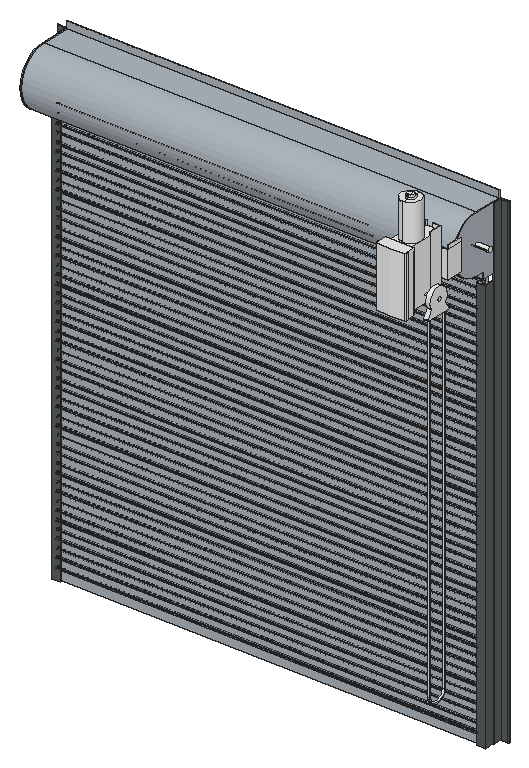
Revit family "Doors_Fire-Doors-Shutters_Wayne-Dalton_Insulated-Fire-Rated-Doors-FireStar-Model-700C", category Specialty Equipment, host Wall, Revit 2026 (continued)
Definition of nested family "700C"
  Automatic sketch dimensions
    curve 1 to curve 2 = 2.11523"
    curve 5 to curve 7 = 0"
    curve 3 to curve 2 = 0"  (x2)
    curve 6 to curve 7 = 0"
    curve 4 to curve 3 = 0"
    curve 2 to plane 6 = 7.10337"
    curve 5 to plane 6 = 7.10337"
    curve 4 to curve 5 = 0"
    curve 6 to curve 5 = 0"
    curve 7 to curve 5 = 0"
    curve 2 to curve 1 = 2.35433"
    Extrusion 1 sketch curve to Extrusion 1 sketch curve = 0"  (x26)
    curve 1 to Extrusion 1 sketch curve = 4.98194"
    curve 1 to Extrusion 1 sketch curve = 0.53603"
    Extrusion 1 sketch curve to Extrusion 1 sketch curve = 0.06"  (x9)
    curve 1 to Extrusion 1 sketch curve = 0.81676"
    Extrusion 1 sketch curve to Extrusion 1 sketch curve = 0.02201"
    Extrusion 1 sketch curve to Extrusion 1 sketch curve = 0.00299"
    Extrusion 1 sketch curve to Extrusion 1 sketch curve = 0.025"  (x6)
    Extrusion 1 sketch curve to Extrusion 1 sketch curve = 0.1383"  (x4)
    Extrusion 1 sketch curve to Extrusion 1 sketch curve = 0.00862"  (x4)
    Extrusion 1 sketch curve to Extrusion 1 sketch curve = 0.12192"
    Extrusion 1 sketch curve to Extrusion 1 sketch curve = 0.21392"  (x5)
    Extrusion 1 sketch curve to Extrusion 1 sketch curve = 0.15392"
    Extrusion 1 sketch curve to Extrusion 1 sketch curve = 0.45808"  (x5)
    Extrusion 1 sketch curve to Extrusion 1 sketch curve = 0.58299"
    Extrusion 1 sketch curve to Extrusion 1 sketch curve = 0.01017"  (x5)
    curve 1 to Extrusion 1 sketch curve = 3.33821"
    curve 1 to Extrusion 1 sketch curve = 0.88821"
    Extrusion 1 sketch curve to Extrusion 1 sketch curve = 0.085"
    Extrusion 1 sketch curve to Extrusion 1 sketch curve = 1.75626"  (x4)
    Extrusion 1 sketch curve to Extrusion 1 sketch curve = 0.25114"  (x4)
    Extrusion 1 sketch curve to Extrusion 1 sketch curve = 0.00603"  (x3)
    Extrusion 1 sketch curve to Extrusion 1 sketch curve = 0.21577"  (x4)
    Extrusion 1 sketch curve to Extrusion 1 sketch curve = 0.2538"
    Extrusion 1 sketch curve to Extrusion 1 sketch curve = 0.06721"
    Extrusion 1 sketch curve to Extrusion 1 sketch curve = 0.04697"
    Extrusion 1 sketch curve to Extrusion 1 sketch curve = 0.09209"
    Extrusion 1 sketch curve to Extrusion 1 sketch curve = 0.14265"
    Extrusion 1 sketch curve to Extrusion 1 sketch curve = 0.11326"
  Nested families (in)
    nested 1: "Perforation" at (0, 0.375, 0.896), visible <- "Fenestration", Perforation <- "Cutout Material", type "Perforation"
      with Perforation none, Thickness 3/4"
    nested 2: "Perforation" at (0, 0.375, 3.346), visible <- "Fenestration", Perforation <- "Cutout Material", type "Perforation"
      with Perforation none, Thickness 3/4"
    nested 3: "Perforation" at (0, 0.375, 5.796), visible <- "Fenestration", Perforation <- "Cutout Material", type "Perforation"
      with Perforation none, Thickness 3/4"
    nested 4: "Perforation" at (0, 0.375, 8.246), visible <- "Fenestration", Perforation <- "Cutout Material", type "Perforation"
      with Perforation none, Thickness 3/4"
    nested 5: "Perforation" at (0, 0.375, 10.696), visible <- "Fenestration", Perforation <- "Cutout Material", type "Perforation"
      with Perforation none, Thickness 3/4"
    nested 6: "Perforation" at (0, 0.375, 10.696), visible <- "Perforation", Perforation <- "Cutout Material Perforation", type "Perforation"
      with Perforation none, Thickness 3/4"
    nested 7: "Perforation" at (0, 0.375, 8.246), visible <- "Perforation", Perforation <- "Cutout Material Perforation", type "Perforation"
      with Perforation none, Thickness 3/4"
    nested 8: "Perforation" at (0, 0.375, 5.796), visible <- "Perforation", Perforation <- "Cutout Material Perforation", type "Perforation"
      with Perforation none, Thickness 3/4"
    nested 9: "Perforation" at (0, 0.375, 3.346), visible <- "Perforation", Perforation <- "Cutout Material Perforation", type "Perforation"
      with Perforation none, Thickness 3/4"
    nested 10: "Perforation" at (0, 0.375, 0.896), visible <- "Perforation", Perforation <- "Cutout Material Perforation", type "Perforation"
      with Perforation none, Thickness 3/4"
  Definition of nested family "Perforation"
    Parameters (values of type "Perforation")
      Thickness = 0.06"
      Perforation [instance] = none
      Opening Width = 123 5/8"
      Offset = 1"
      Height = 3/4"
      Default Elevation = 48"
    Reference planes (in)
      plane 1 "Center (Front/Back)": y = 0
      plane 2: z = 0
      plane 3 "Center (Left/Right)": x = 0
      plane 4: z = 0.375
      plane 5: z = -0.375
      plane 6: y = -0.03
      plane 7: y = 0.03
      plane 8: x = -61.8125
      plane 9: x = 61.8125
      plane 10: x = -60.8125
      plane 11: x = 60.8125
    Forms (in)
      Extrusion 1, solid, material <- "Perforation"
        sketch origin (0, -0.19, 0) x (0, 1, 0) y (0, 0, 1)
          loop
            line (0.16, 0.375) -> (0.16, -0.375) -> (0.22, -0.375) -> (0.22, 0.375) -> (0.16, 0.375)
        from -60.8125 to 60.8125
    Dimensions and locks (in)
      equal spacing: plane 4, level, plane 5
      "Height": plane 4 to plane 5
      equal spacing: plane 6, plane 1 "Center (Front/Back)", plane 7
      "Thickness": plane 6 to plane 7
      "Opening Width": plane 8 to plane 9
      "Offset": plane 8 to plane 10
      "Offset": plane 9 to plane 11
      equal spacing: plane 8, plane 3 "Center (Left/Right)", plane 9
      aligned and locked: plane 2 to level
      aligned and locked: plane 4 to Extrusion 1
      aligned and locked: Extrusion 1 to plane 5
      aligned and locked: plane 6 to Extrusion 1
      aligned and locked: plane 7 to Extrusion 1
      aligned and locked: Extrusion 1 to plane 10
      aligned and locked: plane 11 to Extrusion 1
    Automatic sketch dimensions
      Extrusion 1 sketch curve to level = 3/8"
      plane 1 "Center (Front/Back)" to Extrusion 1 sketch curve = 0.03"
      Extrusion 1 sketch curve to plane 1 "Center (Front/Back)" = 0.03"
      plane 4 to Extrusion 1 sketch curve = 0"
Definition of nested family "Lifts"
  Parameters (values of type "Frame Unit")
    Void Offset = if(Manual, Header Width, 2")  # 16"
    True Width = if(Between Jambs, Opening Width, Opening Width + 1/2")  # 120 1/2"
    Slat Option = 1
    Side Clearance R = 9 1/16"
    Side Clearance L = 7 1/16"
    Round Hood [instance] = 1 = 1  # yes
    Rough Width = 0"
    Rough Height = 0"
    No Hood [instance] = no
    Manual = yes
    M Value = 3 5/16"
    Hood Offset = 2"
    Hood Height = Headroom Height Real - Hood Offset  # 16"
    Headroom Height Real = Headroom Height  # 18"
    Half Hood Height = Headroom Height - Hood Offset  # 16"
    Guide Z Wide R = if(Between Jambs, (Guide Offset R - G Value) / 3 * 2, G Value - 1/4")  # 2 9/16"
    Guide Z Wide L = if(Between Jambs, (Guide Offset L - G Value) / 3 * 2, G Value - 1/4")  # 2 9/16"
    Guide Offset R = BJ Displacement R + G Value  # 2 13/16"
    Guide Offset L = BJ Displacement L + G Value  # 2 13/16"
    G Value = 2 13/16"
    E Guide Width R = if(Between Jambs, (Guide Offset R - G Value) / 3 * 2, 3")  # 3"
    E Guide Width L = if(Between Jambs, (Guide Offset L - G Value) / 3 * 2, 3")  # 3"
    E Guide Height = 3"  # constant formula
    Z Guide = 1 = 1  # yes
    Slat Material = none
    Shaft Offset = (Hood Height - 2") / 2  # 7"
    Shaft Material = none
    Shaft Length 2 = G Value + 4"  # 6 13/16"
    Shaft Length 1 = G Value + 4"  # 6 13/16"
    Setback = if(Between Jambs, 0", 1/4")  # 1/4"
    Radius Hood = Shaft Offset  # 7"
    Opening Width = 120"
    Hood Material = none
    Headroom Height = 18"
    Header Width = 16"
    Opening Height = 120"
    Guide Type = if(Between Jambs, "Angled Between Jambs Z Guide", if(Guide Option > 1, "Angled Z Guide", "Angled E Guide"))  # "Angled Z Guide"
    Guide Option = if(Between Jambs, 1, 2)  # 2
    Guide Z Height = 2 3/4"  # constant formula
    Floor To (CL) of Shaft = 131"
    Finish Material = none
    Face to Wall Mount = not(Between Jambs)  # yes
    E Guide = if(Between Jambs, 1 = 1, 1 = 2)  # no
    Default Elevation = 0"
    D Value = 5 1/2"
    Between Jambs = no
    BJ Position = if(Between Jambs, 1/4", 0")  # 0"
    BJ Displacement R = if(Face to Wall Mount, 0", Side Clearance R - G Value)  # 0"
    BJ Displacement L = if(Face to Wall Mount, 0", Side Clearance L - G Value)  # 0"
    Angled Guide = 1 = 1  # yes
  Reference planes (in)
    plane 1 "Center (Front/Back)": y = 0
    plane 2: z = 0
    plane 3 "Center (Left/Right)": x = 0
    plane 4 "Opening Height": z = 120
    plane 5: x = -66.8125
    plane 6: x = 66.8125
    plane 7: z = 138
    plane 8: y = 16
    plane 9 "Real Opening 2": x = -60
    plane 10 "Real Opening 1": x = 60
    plane 11: z = 122
    plane 12 "Main": y = 0
    plane 13: z = 131
    plane 14: y = 9
    plane 15: x = 62.8125
    plane 16: x = -62.8125
    plane 17: x = -62.8125
    plane 18: x = 62.8125
    plane 19: y = 5.5
    plane 20: x = -62.5625
    plane 21: x = 62.5625
    plane 22: z = 140
    plane 23: y = 5.5
    plane 24: y = 4.375
    plane 25: y = 5.5
    plane 26: y = 4.375
  Forms (in)
    Extrusion 1, solid, material <- "Slat Material"
      sketch origin (0, 0, 0) x (0, 1, 0) y (0, 0, 1)
        loop
          line (4.75, 2.375) -> (4.75, 2.75) -> (4, 2.75) -> (4, 2.375) -> (4.75, 2.375)
      from -62.5625 to 62.5625
    Extrusion 2, solid, material <- "Slat Material"
      sketch origin (0, 0, 0) x (0, 1, 0) y (0, 0, 1)
        loop
          line (4.75, 2.375) -> (4, 2.375) -> (4, 0) -> (4.75, 0) -> (4.75, 2.375)
      from -62.5625 to 62.5625
    Extrusion 3, solid, material <- "Shaft Material"
      sketch origin (0, -5.35201, 0) x (0, 1, 0) y (0, 0, 1)
        loop
          circle (14.35201, 131) r 0.6
      from -66.8125 to 66.8125
    Extrusion 4, solid, material <- "Hood Material"
      sketch origin (0, 0, 0) x (0, 1, 0) y (0, 0, 1)
        loop
          line (0, 138) -> (0, 122) -> (6, 122) -> (6, 124) -> (9, 124)
          arc (9, 124) -> (16, 131) -> (9, 138) r 7
          line (9, 138) -> (0, 138)
      from -62.8125 to 62.8125
    Extrusion 5, solid, material <- "Finish Material", visible <- "E Guide"
      sketch origin (0, 0, 0) x (1, 0, 0) y (0, 1, 0)
        loop
          line (59.8125, 0) -> (62.8125, 0) -> (62.8125, 3) -> (62.75, 3)
          arc (62.75, 3) -> (62.61742, 2.94508) -> (62.5625, 2.8125) r 0.1875
          line (62.5625, 2.8125) -> (62.5625, 0.25) -> (60, 0.25)
          arc (60, 0.25) -> (59.86742, 0.19508) -> (59.8125, 0.0625) r 0.1875
          line (59.8125, 0.0625) -> (59.8125, 0)
        loop
          line (-59.8125, 0) -> (-59.8125, 0.0625)
          arc (-59.8125, 0.0625) -> (-59.86742, 0.19508) -> (-60, 0.25) r 0.1875
          line (-60, 0.25) -> (-62.5625, 0.25) -> (-62.5625, 2.8125)
          arc (-62.5625, 2.8125) -> (-62.61742, 2.94508) -> (-62.75, 3) r 0.1875
          line (-62.75, 3) -> (-62.8125, 3) -> (-62.8125, 0) -> (-59.8125, 0)
      from 0 to 138
    Extrusion 6, solid, material <- "Finish Material", visible <- "Z Guide"
      sketch origin (0, 0, 0) x (1, 0, 0) y (0, 1, 0)
        loop
          line (65.375, 0) -> (65.375, 0.062)
          arc (65.375, 0.062) -> (65.31994, 0.19494) -> (65.187, 0.25) r 0.188
          line (65.187, 0.25) -> (63.0625, 0.25) -> (63.0625, 2.562)
          arc (63.0625, 2.562) -> (63.00744, 2.69494) -> (62.8745, 2.75) r 0.188
          line (62.8745, 2.75) -> (62.8125, 2.75) -> (62.8125, 0) -> (65.375, 0)
        loop
          line (-65.375, 0) -> (-62.8125, 0) -> (-62.8125, 2.75) -> (-62.8745, 2.75)
          arc (-62.8745, 2.75) -> (-63.00744, 2.69494) -> (-63.0625, 2.562) r 0.188
          line (-63.0625, 2.562) -> (-63.0625, 0.25) -> (-65.187, 0.25)
          arc (-65.187, 0.25) -> (-65.31994, 0.19494) -> (-65.375, 0.062) r 0.188
          line (-65.375, 0.062) -> (-65.375, 0)
      from 0 to 138
    Extrusion 7, solid, material <- "Finish Material", visible <- "Angled Guide"
      sketch origin (0, 0, 0) x (1, 0, 0) y (0, 1, 0)
        loop
          line (60.25, 5.5) -> (60.25, 5.437)
          arc (60.25, 5.437) -> (60.30477, 5.30477) -> (60.437, 5.25) r 0.187
          line (60.437, 5.25) -> (62.5625, 5.25) -> (62.5625, 3.5) -> (60.25, 3.5) -> (60.25, 3.437)
          arc (60.25, 3.437) -> (60.30477, 3.30477) -> (60.437, 3.25) r 0.187
          line (60.437, 3.25) -> (62.3125, 3.25) -> (62.3125, 1.25) -> (62.8125, 1.25) -> (62.8125, 5.5) -> (60.25, 5.5)
        loop
          line (-60.25, 5.5) -> (-62.8125, 5.5) -> (-62.8125, 1.25) -> (-62.3125, 1.25) -> (-62.3125, 3.25) -> (-60.437, 3.25)
          arc (-60.437, 3.25) -> (-60.30477, 3.30477) -> (-60.25, 3.437) r 0.187
          line (-60.25, 3.437) -> (-60.25, 3.5) -> (-62.5625, 3.5) -> (-62.5625, 5.25) -> (-60.437, 5.25)
          arc (-60.437, 5.25) -> (-60.30477, 5.30477) -> (-60.25, 5.437) r 0.187
          line (-60.25, 5.437) -> (-60.25, 5.5)
      from 0 to 120
    Extrusion 8, solid, material <- "Hood Material"
      sketch origin (0, 35, 0) x (0, 1, 0) y (0, 0, 1)
        loop
          line (-35, 138) -> (-35, 122) -> (-29, 122) -> (-29, 124) -> (-26, 124)
          arc (-26, 124) -> (-19, 131) -> (-26, 138) r 7
          line (-26, 138) -> (-35, 138)
      from -62.5625 to 62.5625
    Extrusion 9, void
      sketch origin (0, 0, 0) x (0, 1, 0) y (0, 0, 1)
        loop
          line (0, 138) -> (0, 122) -> (16, 122) -> (16, 138) -> (0, 138)
      from -62.5625 to 62.5625
    Extrusion 10, void
      sketch origin (0, 16, 76.97313) x (0, 0, 1) y (-1, 0, 0)
        loop
          line (63.02687, 69.0625) -> (47.02687, 69.0625) -> (47.02687, 60) -> (63.02687, 60) -> (63.02687, 69.0625)
      from 16 <- "Void Offset" to 0
  Cuts and joins
    Extrusion 9 cuts Extrusion 4
    Extrusion 10 cuts Extrusion 6
  Lines and regions (in)
    Masking region 1
      outline origin (0, 0, 0) x (1, 0, 0) y (0, 1, 0)
        loop
          line (66.8125, 9.6) -> (62.8125, 9.6) -> (62.8125, 8.4) -> (66.8125, 8.4) -> (66.8125, 9.6)
        loop
          line (-66.8125, 8.4) -> (-62.8125, 8.4) -> (-62.8125, 9.6) -> (-66.8125, 9.6) -> (-66.8125, 8.4)
    Masking region 2
      outline origin (0, 0, 0) x (1, 0, 0) y (0, 1, 0)
        loop
          line (-62.8125, 16) -> (-62.8125, 0) -> (62.8125, 0) -> (62.8125, 16) -> (-62.8125, 16)
    Masking region 3, visible <- "E Guide"
      outline origin (0, 0, 0) x (1, 0, 0) y (0, 1, 0)
        loop
          line (-62.8125, 3) -> (-62.8125, 0) -> (-59.8125, 0) -> (-59.8125, 0.0625)
          arc (-59.8125, 0.0625) -> (-59.86742, 0.19508) -> (-60, 0.25) r 0.1875
          line (-60, 0.25) -> (-62.5625, 0.25) -> (-62.5625, 2.8125)
          arc (-62.5625, 2.8125) -> (-62.61742, 2.94508) -> (-62.75, 3) r 0.1875
          line (-62.75, 3) -> (-62.8125, 3)
        loop
          line (62.8125, 0) -> (62.8125, 3) -> (62.75, 3)
          arc (62.75, 3) -> (62.61742, 2.94508) -> (62.5625, 2.8125) r 0.1875
          line (62.5625, 2.8125) -> (62.5625, 0.25) -> (60, 0.25)
          arc (60, 0.25) -> (59.86742, 0.19508) -> (59.8125, 0.0625) r 0.1875
          line (59.8125, 0.0625) -> (59.8125, 0) -> (62.8125, 0)
    Masking region 4
      outline origin (0, 0, 0) x (1, 0, 0) y (0, 1, 0)
        loop
          line (-63.0625, 0.25) -> (-65.187, 0.25)
          arc (-65.187, 0.25) -> (-65.31994, 0.19494) -> (-65.375, 0.062) r 0.188
          line (-65.375, 0.062) -> (-65.375, 0) -> (-62.8125, 0) -> (-62.8125, 2.75) -> (-62.8745, 2.75)
          arc (-62.8745, 2.75) -> (-63.00744, 2.69494) -> (-63.0625, 2.562) r 0.188
          line (-63.0625, 2.562) -> (-63.0625, 0.25)
        loop
          line (62.8125, 2.75) -> (62.8125, 0) -> (65.375, 0) -> (65.375, 0.062)
          arc (65.375, 0.062) -> (65.31994, 0.19494) -> (65.187, 0.25) r 0.188
          line (65.187, 0.25) -> (63.0625, 0.25) -> (63.0625, 2.562)
          arc (63.0625, 2.562) -> (63.00744, 2.69494) -> (62.8745, 2.75) r 0.188
          line (62.8745, 2.75) -> (62.8125, 2.75)
    symbolic lines
      curve 1: line (-62.5625, 0, 0) -> (-62.5625, 16, 0)
      curve 2: line (62.5625, 16, 0) -> (62.5625, 0, 0)
  Dimensions and locks (in)
    Extrusion 1 sketch curve to level = 2 3/8"
    Extrusion 1 sketch curve to Extrusion 1 sketch curve = 3/4"
    locked: Extrusion 2 sketch curve to level at 2.375
    "Headroom Height Real": plane 7 to plane 4 "Opening Height"
    plane 8 to plane 1 "Center (Front/Back)" = 16"
    "Opening Height": plane 4 "Opening Height" to level
    "Hood Offset": plane 11 to plane 4 "Opening Height"
    "BJ Position": plane 12 "Main" to plane 1 "Center (Front/Back)"
    "Header Width": plane 12 "Main" to plane 8
    "Floor To (CL) of Shaft": plane 13 to level
    "Shaft Offset": Extrusion 3 sketch curve to plane 8
    locked: Extrusion 2 sketch curve to Extrusion 2 sketch curve at 0.75
    "Shaft Offset": plane 8 to plane 14
    locked: Masking region 1 sketch curve to Masking region 1 sketch curve at 1.2
    locked: Masking region 1 sketch curve to plane 14 at 0.6
    "Guide Offset L": plane 10 "Real Opening 1" to plane 15
    "Guide Offset R": plane 16 to plane 9 "Real Opening 2"
    locked: Extrusion 5 sketch curve to Extrusion 5 sketch curve at 0.25  (x4)
    "E Guide Height": Extrusion 5 sketch curve to Extrusion 5 sketch curve  (x2)
    "E Guide Width L": Extrusion 5 sketch curve to Extrusion 5 sketch curve
    "E Guide Width R": Extrusion 5 sketch curve to Extrusion 5 sketch curve
    locked: Extrusion 6 sketch curve to Extrusion 6 sketch curve at 0.25  (x4)
    "Guide Z Wide L": Extrusion 6 sketch curve to Extrusion 6 sketch curve
    "Guide Z Height": Extrusion 6 sketch curve to Extrusion 6 sketch curve  (x2)
    "Guide Z Wide R": Extrusion 6 sketch curve to Extrusion 6 sketch curve
    locked: Extrusion 7 sketch curve to Extrusion 7 sketch curve at 0.25  (x6)
    locked: Extrusion 7 sketch curve to Extrusion 7 sketch curve at 2.25  (x2)
    locked: Extrusion 7 sketch curve to Extrusion 7 sketch curve at 4.25  (x2)
    "Setback": plane 10 "Real Opening 1" to Extrusion 7 sketch curve
    "Setback": Extrusion 7 sketch curve to plane 9 "Real Opening 2"
    "G Value": Extrusion 6 sketch curve to plane 9 "Real Opening 2"
    "G Value": plane 10 "Real Opening 1" to Extrusion 6 sketch curve
    "G Value": plane 10 "Real Opening 1" to plane 18
    "G Value": plane 17 to plane 9 "Real Opening 2"
    "Shaft Length 1": plane 5 to plane 9 "Real Opening 2"
    "Shaft Length 2": plane 6 to plane 10 "Real Opening 1"
    locked: Extrusion 2 to plane 18 at 0.25
    locked: Extrusion 2 to plane 17 at 0.25
    locked: plane 17 to plane 20 at 0.25
    locked: plane 21 to plane 18 at 0.25
    equal spacing: plane 9 "Real Opening 2", plane 3 "Center (Left/Right)", plane 10 "Real Opening 1"
    "Opening Width": plane 9 "Real Opening 2" to plane 10 "Real Opening 1"
    locked: plane 22 to plane 7 at 2
    "D Value": plane 1 "Center (Front/Back)" to plane 19
    "D Value": plane 23 to plane 1 "Center (Front/Back)"
    locked: plane 23 to plane 24 at 1.125
    equal spacing: Extrusion 1 sketch curve, plane 24, Extrusion 1 sketch curve
    "D Value": plane 25 to plane 1 "Center (Front/Back)"
    locked: plane 25 to plane 26 at 1.125
    equal spacing: Extrusion 2 sketch curve, plane 26, Extrusion 2 sketch curve
    "G Value": plane 10 "Real Opening 1" to Extrusion 7 sketch curve
    "G Value": Extrusion 7 sketch curve to plane 9 "Real Opening 2"
    locked: Extrusion 4 sketch curve to Extrusion 4 sketch curve at 6
    "Shaft Offset": Extrusion 4 sketch curve to plane 8
    locked: Extrusion 4 sketch curve to plane 11 at 2
    Extrusion 6 to plane 8 = 16"
    locked: Extrusion 8 sketch curve to Extrusion 8 sketch curve at 6
    "Shaft Offset": Extrusion 8 sketch curve to plane 8
    locked: Extrusion 8 sketch curve to plane 11 at 2
    locked: Extrusion 10 sketch curve to plane 11 at 2
    "Side Clearance R": Extrusion 10 sketch curve to Extrusion 10 sketch curve
    radius of Extrusion 5 sketch curve = 3/16"  (x4)
    radius of Extrusion 6 sketch curve = 0.188"  (x4)
    locked: Extrusion 7 sketch curve to Extrusion 7 sketch curve (radius 0.187")  (x4)
    aligned and locked: plane 2 to level
    aligned and locked: plane 5 to Extrusion 3
    aligned and locked: Extrusion 3 to plane 6
    aligned and locked: Extrusion 4 sketch curve to plane 7
    aligned and locked: plane 13 to Extrusion 3 sketch curve
    aligned and locked: plane 5 to Masking region 1 sketch curve
    aligned and locked: plane 6 to Masking region 1 sketch curve
    aligned and locked: Masking region 1 sketch curve to Masking region 1 sketch curve  (x2)
    aligned and locked: plane 12 "Main" to Extrusion 5 sketch curve  (x2)
    aligned and locked: Extrusion 5 sketch curve to plane 15
    aligned and locked: plane 16 to Extrusion 5 sketch curve
    aligned and locked: Extrusion 6 sketch curve to plane 1 "Center (Front/Back)"  (x2)
    aligned and locked: plane 19 to Extrusion 7 sketch curve
    aligned and locked: Extrusion 7 sketch curve to Extrusion 7 sketch curve  (x2)
    aligned and locked: Extrusion 7 sketch curve to plane 19
    aligned and locked: plane 4 "Opening Height" to Extrusion 7
    aligned and locked: Extrusion 4 sketch curve to plane 12 "Main"
    aligned and locked: Masking region 2 to curve 2  (x2)
    aligned and locked: Masking region 2 to curve 1  (x2)
    aligned and locked: Masking region 3 sketch curve to Extrusion 5  (x10)
    aligned and locked: Extrusion 2 to Extrusion 1
    aligned and locked: Extrusion 1 to Extrusion 2
    aligned and locked: Masking region 2 to plane 17
    aligned and locked: Masking region 2 to plane 18
    aligned and locked: plane 18 to Masking region 1 sketch curve
    aligned and locked: Masking region 1 sketch curve to plane 17
    aligned and locked: plane 7 to Extrusion 5
    aligned and locked: Extrusion 4 sketch curve to plane 11
    aligned and locked: Extrusion 4 to plane 17
    aligned and locked: Extrusion 4 to plane 18
    aligned and locked: Extrusion 8 sketch curve to plane 7
    aligned and locked: Extrusion 8 sketch curve to plane 12 "Main"
    aligned and locked: Extrusion 8 sketch curve to plane 11
    aligned and locked: Extrusion 8 to plane 20
    aligned and locked: Extrusion 8 to plane 21
    aligned and locked: Extrusion 9 sketch curve to plane 12 "Main"
    aligned and locked: Extrusion 9 sketch curve to plane 11
    aligned and locked: Extrusion 9 sketch curve to plane 8
    aligned and locked: Extrusion 9 sketch curve to plane 7
    aligned and locked: Extrusion 9 to plane 20
    aligned and locked: Extrusion 9 to plane 21
    aligned and locked: Masking region 4 sketch curve to Extrusion 6  (x12)
    aligned and locked: Extrusion 6 to plane 7
    aligned and locked: Extrusion 10 sketch curve to plane 22
    aligned and locked: plane 8 to Extrusion 10
    aligned and locked: plane 9 "Real Opening 2" to Extrusion 10 sketch curve
  Automatic sketch dimensions
    curve 1 to plane 20 = 0"
    curve 2 to plane 21 = 0"
    Masking region 2 sketch curve to plane 1 "Center (Front/Back)" = 0"
    Masking region 2 sketch curve to plane 17 = 0"
    Masking region 2 sketch curve to plane 18 = 0"
    Masking region 2 sketch curve to plane 8 = 0"
    Extrusion 1 sketch curve to Extrusion 1 sketch curve = 3/8"
    Extrusion 2 sketch curve to level = 0"
    Extrusion 7 sketch curve to plane 20 = 1/4"
    plane 21 to Extrusion 7 sketch curve = 1/4"
    radius of Extrusion 3 sketch curve = 0.6"
Definition of nested family "Label Annotation 1"
  Parameters (values of type "Label Annotation 1-8")
    Label = "Area is too big. Please reduce Door Size."
  Reference planes (in)
    plane 1: y = 0
    plane 2: x = 0
  Text (in)
    label "Label" at (0.00375, -0.00345, 0), shows "Label"
Definition of nested family "Warning Sign"
  Parameters (values of type "Warning Sign")
    Warning Sign [instance] = no
    Default Elevation = 48"
  Reference planes (in)
    plane 1 "Center (Front/Back)": y = 0
    plane 2: z = 0
    plane 3 "Center (Left/Right)": x = 0
    plane 4: y = 0.5
    plane 5: y = -0.5
    plane 6: y = 1
    plane 7: y = 0.25
  Lines and regions (in)
    model lines
      curve 1: line (-2.26129, 1, 45.69444) -> (-26.3817, 1, 3.91667)
      curve 2: line (-25.25106, 1, 3.26389) -> (-1.13064, 1, 45.04167)
      curve 3: arc (2.26129, 1, 45.69444) -> (0, 1, 47) -> (-2.26129, 1, 45.69444) r 2.61111
      curve 4: arc (-1.13064, 1, 45.04167) -> (0, 1, 45.69444) -> (1.13064, 1, 45.04167) r 1.30556
      curve 5: line (1.13064, 1, 45.04167) -> (25.25106, 1, 3.26389)
      curve 6: line (26.3817, 1, 3.91667) -> (2.26129, 1, 45.69444)
      curve 7: arc (25.25106, 1, 3.26389) -> (25.25106, 1, 1.95833) -> (24.12041, 1, 1.30556) r 1.30556
      curve 8: arc (24.12041, 1, 0) -> (26.3817, 1, 1.30556) -> (26.3817, 1, 3.91667) r 2.61111
      curve 9: line (24.12041, 1, 1.30556) -> (-24.12041, 1, 1.30556)
      curve 10: line (-24.12041, 1, 0) -> (24.12041, 1, 0)
      curve 11: arc (-24.12041, 1, 1.30556) -> (-25.25106, 1, 1.95833) -> (-25.25106, 1, 3.26389) r 1.30556
      curve 12: arc (-26.3817, 1, 3.91667) -> (-26.3817, 1, 1.30556) -> (-24.12041, 1, 0) r 2.61111
      curve 13: arc (-2.29479, 1, 8.63537) -> (0, 1, 6.34057) -> (2.29479, 1, 8.63537) r 2.29479
      curve 14: arc (2.29479, 1, 8.63537) -> (0, 1, 10.93016) -> (-2.29479, 1, 8.63537) r 2.29479
      curve 15: arc (-1.6331, 1, 13.97069) -> (0.03439, 1, 12.53727) -> (1.69278, 1, 13.98121) r 1.68043
      curve 16: line (-3.77413, 1, 28.37873) -> (-1.6331, 1, 13.97069)
      curve 17: line (1.69278, 1, 13.98121) -> (3.73924, 1, 28.37873)
      curve 18: arc (3.73924, 1, 28.37873) -> (-0.01745, 1, 32.13541) -> (-3.77413, 1, 28.37873) r 3.75668
      curve 19: line (-2.26129, -0.5, 45.69444) -> (-26.3817, -0.5, 3.91667)
      curve 20: line (-25.25106, -0.5, 3.26389) -> (-1.13064, -0.5, 45.04167)
      curve 21: arc (2.26129, -0.5, 45.69444) -> (0, -0.5, 47) -> (-2.26129, -0.5, 45.69444) r 2.61111
      curve 22: arc (-1.13064, -0.5, 45.04167) -> (0, -0.5, 45.69444) -> (1.13064, -0.5, 45.04167) r 1.30556
      curve 23: line (1.13064, -0.5, 45.04167) -> (25.25106, -0.5, 3.26389)
      curve 24: line (26.3817, -0.5, 3.91667) -> (2.26129, -0.5, 45.69444)
      curve 25: arc (25.25106, -0.5, 3.26389) -> (25.25106, -0.5, 1.95833) -> (24.12041, -0.5, 1.30556) r 1.30556
      curve 26: arc (24.12041, -0.5, 0) -> (26.3817, -0.5, 1.30556) -> (26.3817, -0.5, 3.91667) r 2.61111
      curve 27: line (24.12041, -0.5, 1.30556) -> (-24.12041, -0.5, 1.30556)
      curve 28: line (-24.12041, -0.5, 0) -> (24.12041, -0.5, 0)
      curve 29: arc (-24.12041, -0.5, 1.30556) -> (-25.25106, -0.5, 1.95833) -> (-25.25106, -0.5, 3.26389) r 1.30556
      curve 30: arc (-26.3817, -0.5, 3.91667) -> (-26.3817, -0.5, 1.30556) -> (-24.12041, -0.5, 0) r 2.61111
      curve 31: arc (-2.29479, -0.5, 8.63537) -> (0, -0.5, 6.34057) -> (2.29479, -0.5, 8.63537) r 2.29479
      curve 32: arc (2.29479, -0.5, 8.63537) -> (0, -0.5, 10.93016) -> (-2.29479, -0.5, 8.63537) r 2.29479
      curve 33: arc (-1.6331, -0.5, 13.97069) -> (0.03439, -0.5, 12.53727) -> (1.69278, -0.5, 13.98121) r 1.68043
      curve 34: line (-3.77413, -0.5, 28.37873) -> (-1.6331, -0.5, 13.97069)
      curve 35: line (1.69278, -0.5, 13.98121) -> (3.73924, -0.5, 28.37873)
      curve 36: arc (3.73924, -0.5, 28.37873) -> (-0.01745, -0.5, 32.13541) -> (-3.77413, -0.5, 28.37873) r 3.75668
  Dimensions and locks (in)
    locked: plane 1 "Center (Front/Back)" to plane 4 at 0.5
    equal spacing: plane 1 "Center (Front/Back)", plane 7, plane 4
    locked: plane 4 to plane 6 at 0.5
    locked: plane 5 to plane 1 "Center (Front/Back)" at 0.5
    aligned and locked: plane 2 to level
  Automatic sketch dimensions
    curve 21 to curve 22 = 0"  (x2)
    curve 25 to curve 26 = 0"  (x2)
    curve 29 to curve 30 = 0"  (x2)
    curve 31 to curve 32 = 0"  (x2)
    curve 21 to plane 3 "Center (Left/Right)" = 0"
    curve 31 to plane 3 "Center (Left/Right)" = 0"
    curve 30 to level = 0"
    level to curve 27 = 1.30556"
    curve 26 to curve 27 = 1.30556"
    curve 29 to curve 27 = 1.30556"
    curve 23 to curve 25 = 0.65278"
    curve 20 to curve 29 = 0.65278"
    curve 24 to curve 23 = 0.65278"
    curve 19 to curve 20 = 0.65278"
    level to curve 32 = 8.63537"
    curve 34 to plane 3 "Center (Left/Right)" = 1.6331"
    curve 34 to curve 31 = 5.33532"
    plane 3 "Center (Left/Right)" to curve 35 = 1.69278"
    curve 35 to curve 34 = 0.01052"
    plane 3 "Center (Left/Right)" to curve 33 = 0.02908"
    curve 36 to plane 3 "Center (Left/Right)" = 0.01745"
    curve 36 to curve 33 = 14.16104"
    curve 22 to curve 36 = 16.01016"
    plane 3 "Center (Left/Right)" to curve 23 = 1.13064"
    curve 23 to curve 21 = 0.65278"
    curve 20 to plane 3 "Center (Left/Right)" = 1.13064"
    plane 3 "Center (Left/Right)" to curve 24 = 2.26129"
    curve 24 to curve 22 = 0.65278"
    curve 19 to plane 3 "Center (Left/Right)" = 2.26129"
    curve 34 to curve 36 = 3.75668"
    curve 30 to plane 3 "Center (Left/Right)" = 24.12041"
    plane 3 "Center (Left/Right)" to curve 25 = 24.12041"
    curve 31 to curve 31 = 2.29479"
    curve 3 to curve 4 = 0"  (x2)
    curve 7 to curve 8 = 0"  (x2)
    curve 11 to curve 12 = 0"  (x2)
    curve 13 to curve 14 = 0"  (x2)
    curve 3 to plane 3 "Center (Left/Right)" = 0"
    curve 13 to plane 3 "Center (Left/Right)" = 0"
    curve 12 to level = 0"
    level to curve 9 = 1.30556"
    curve 8 to curve 9 = 1.30556"
    curve 11 to curve 9 = 1.30556"
    curve 5 to curve 7 = 0.65278"
    curve 2 to curve 11 = 0.65278"
    curve 6 to curve 5 = 0.65278"
    curve 1 to curve 2 = 0.65278"
    level to curve 14 = 8.63537"
    curve 16 to plane 3 "Center (Left/Right)" = 1.6331"
    curve 16 to curve 13 = 5.33532"
    plane 3 "Center (Left/Right)" to curve 17 = 1.69278"
    curve 17 to curve 16 = 0.01052"
    plane 3 "Center (Left/Right)" to curve 15 = 0.02908"
    curve 18 to plane 3 "Center (Left/Right)" = 0.01745"
    curve 18 to curve 15 = 14.16104"
    curve 4 to curve 18 = 16.01016"
    plane 3 "Center (Left/Right)" to curve 5 = 1.13064"
    curve 5 to curve 3 = 0.65278"
    curve 2 to plane 3 "Center (Left/Right)" = 1.13064"
    plane 3 "Center (Left/Right)" to curve 6 = 2.26129"
    curve 6 to curve 4 = 0.65278"
    curve 1 to plane 3 "Center (Left/Right)" = 2.26129"
    curve 16 to curve 18 = 3.75668"
    curve 12 to plane 3 "Center (Left/Right)" = 24.12041"
    plane 3 "Center (Left/Right)" to curve 7 = 24.12041"
    curve 13 to curve 13 = 2.29479"
Types (6): name | Voltage | Number of Poles | Lift Up | Chain Hoist | Connector Array | Apparent Load Phase 3 | Apparent Load Phase 2 | Apparent Load Phase 1
  115 volts, one phase, 60 Hz (110-120V range) | 115 V | 1 | no | no | 3 | 0 VA | 0 VA | 2300 VA
  Chain Hoist | 115 V | 1 | no | yes | 2 | 0 VA | 0 VA | 2300 VA
  Manual push-up | 115 V | 1 | yes | no | 3 | 0 VA | 0 VA | 2300 VA
  230 volts, three phase, 60 Hz (208-245V range) | 230 V | 3 | no | no | 3 | 2655.81 VA | 2655.81 VA | 2655.81 VA
  230 volts, single phase, 60 Hz (208-245V range) | 230 V | 1 | no | no | 3 | 0 VA | 0 VA | 4600 VA
  460 volts, three phase, 60 Hz (456-495V range) | 460 V | 3 | no | no | 3 | 5311.62 VA | 5311.62 VA | 5311.62 VA
